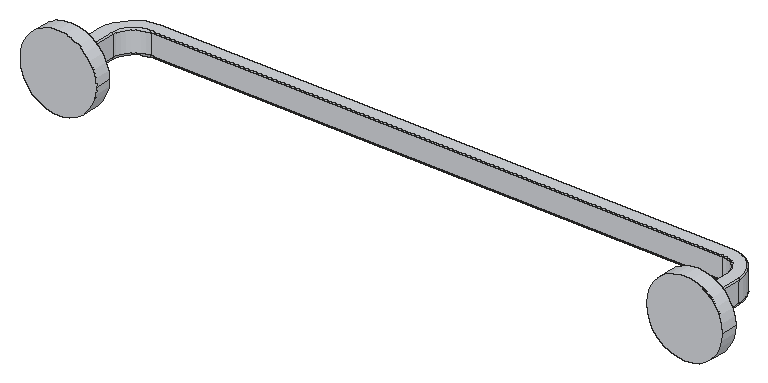
Revit family "SA-2707-18", category Plumbing Equipment, host Wall, Revit 2023
Family settings
  Host = Wall
  Round Connector Dimension = Use Diameter
  Classification = None
  Part Type = Normal
  Always vertical = Yes
  Cut with Voids When Loaded = No
  Maintain Annotation Orientation = No
  Shared = No
  Room Calculation Point = No
Parameters
  Default Elevation = 0' - 0"
Reference planes (in)
  plane 1: y = 0
  plane 2 "Center (Left/Right)": x = 0
  plane 3 "Wall Edge": y = 3
Text (in)
  text "⌀" at (0, -0.10032, 0.33477), in view "Left"
  text "⌀" at (-10.9735, 0, 0.35655), in view "Front"
  text "⌀" at (0, 2.16613, 0.34947), in view "Right"
Dimensions and locks (in)
  locked: plane 3 "Wall Edge" to host wall
  nested 1 to nested 1 = 0' - 2.1876"  (x3)
  nested 1 to nested 1 = 1' - 6"  (x2)
  nested 1 to nested 1 = 0' - 2 11/16"
  nested 1 to nested 1 = 1' - 8.1876"
Nested families (in)
  nested 1: "SA-2707-18" at (0, 3, 0) x (-1, 0, 0) z (0, 1, 0), type "SA-2707-18"
Definition of nested family "SA-2707-18"
  Parameters (values of type "SA-2707-18")
    Material = none
    Default Elevation = 4' - 0"
  Reference planes (in)
    plane 1 "Center (Front/Back)": y = 0
    plane 2: z = 0
    plane 3 "Center (Left/Right)": x = 0
    plane 4: x = -9
    plane 5: x = 9
    plane 6: z = 2.6875
    plane 7: y = -1.0938
    plane 8: y = 1.0938
  Forms (in)
    Extrusion 1, solid
      sketch origin (0, 0, 0) x (1, 0, 0) y (0, 1, 0)
        loop
          line (-48, 48) -> (-48, -48) -> (48, -48) -> (48, 48) -> (-48, 48)
      from 0 to -12
    Sweep 2, solid, material <- "Material"
      path origin (0.4555, 0, -8.69228) x (1, 0, 0) y (0, 0, 1)
        loop
          line (-9.4555, 9.14596) -> (-9.4555, 10.39596)
          arc (-9.4555, 10.39596) -> (-9.22227, 10.95904) -> (-8.65919, 11.19228) r 0.79631
          line (-8.65919, 11.19228) -> (7.74818, 11.19228)
          arc (7.74818, 11.19228) -> (8.31126, 10.95904) -> (8.5445, 10.39596) r 0.79631
          line (8.5445, 10.39596) -> (8.5445, 9.14596)
      profile origin (0, 0, 2.5) x (0, 0, 1) y (0, -1, 0)
        loop
          line (-0.16465, -0.34375) -> (0.16465, -0.34375)
          arc (0.16465, -0.34375) -> (0.18035, -0.32152) -> (0.1875, -0.29527) r 0.07835
          line (0.1875, -0.29527) -> (0.1875, 0.29527)
          arc (0.1875, 0.29527) -> (0.18035, 0.32152) -> (0.16465, 0.34375) r 0.07835
          line (0.16465, 0.34375) -> (-0.16465, 0.34375)
          arc (-0.16465, 0.34375) -> (-0.18035, 0.32152) -> (-0.1875, 0.29527) r 0.07835
          line (-0.1875, 0.29527) -> (-0.1875, -0.29527)
          arc (-0.1875, -0.29527) -> (-0.18035, -0.32152) -> (-0.16465, -0.34375) r 0.07835
    Extrusion 3, solid, material <- "Material"
      sketch origin (0.1875, 0, 0.45369) x (1, 0, 0) y (0, 1, 0)
        loop
          circle (-9.1875, 0) r 1.0938
      from -0.45369 to 0
    Extrusion 4, solid, material <- "Material"
      sketch origin (-0.1875, 0, 0.45369) x (-1, 0, 0) y (0, -1, 0)
        loop
          circle (-9.1875, 0) r 1.0938
      from -0.45369 to 0
  Cuts and joins
    joined: Sweep 2, Extrusion 3, Extrusion 4
  Dimensions and locks (in)
    plane 5 to plane 4 = 1' - 6"
    plane 6 to Extrusion 4 = 0' - 2 11/16"
    plane 7 to plane 8 = 0' - 2.1876"
    aligned and locked: Extrusion 1 to plane 2
    aligned and locked: level to Extrusion 1
